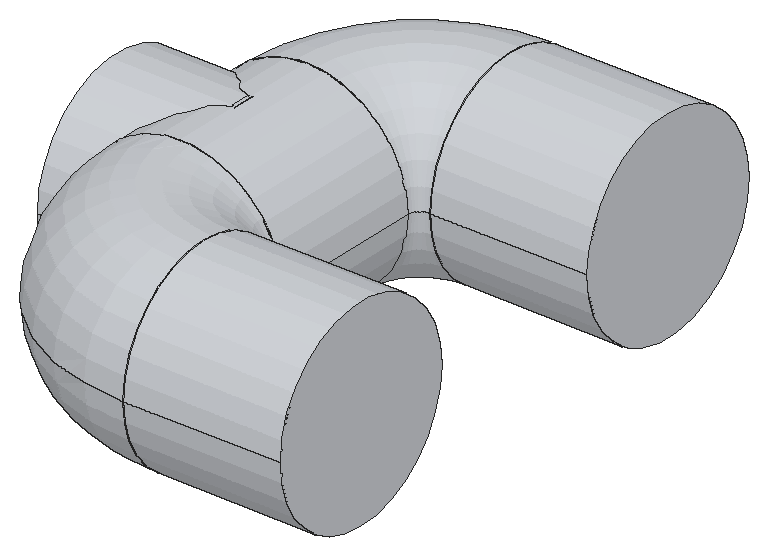
Revit family "1f1a5b160f834efcaf4b3b4a6974e4d7", category Mechanical Equipment, Revit 2021
Family settings
  Round Connector Dimension = Use Radius
  Part Type = Normal
  OmniClass Number = 23.65.70.17.14
  OmniClass Title = Water Fire Fighting Terminals
  Seek Item ID = Fire Department Connection - 2 Way - Flush Outlet Body-0000-USA-ENU
  Work Plane-Based = No
  Always vertical = Yes
  Cut with Voids When Loaded = No
  Shared = No
  Room Calculation Point = No
Parameters (values of type "4"x2 1/2"x2 1/2"")
  Outlet Nominal Radius = 2"
  Outlet Nominal Diameter = Outlet Nominal Radius * 2  # 4"
  Inlet Nominal Radius = 1 1/4"
  Inlet Nominal Diameter = Inlet Nominal Radius * 2  # 2 1/2"
  Default Elevation = 0' - 0"
  Connection Outlet Body Material = none
Reference planes (in)
  plane 1 "Center (Front/Back)": y = 0
  plane 2: z = 0
  plane 3 "Center (Left/Right)": x = 0
  plane 4: x = 2.5
  plane 5: y = 3.8125
  plane 6: y = -3.8125
  plane 7: x = 4.75
  plane 8: y = 1.5625
  plane 9: y = -1.5625
  plane 10: x = 7.875
  plane 11: y = 1.31593
  plane 12: y = -1.3125
  plane 13: x = 5
Forms (in)
  Sweep 1, solid, material <- "Connection Outlet Body Material", detail levels fine
    path in 3D
      loop
        line (0, 0, 0) -> (2.5, 0, 0)
    profile origin (1.25, 0, 0) x (0, 1, 0) y (0, 0, 1)
      loop
        circle (0, 0) r 2
  Sweep 2, solid, material <- "Connection Outlet Body Material", detail levels fine
    path in 3D
      loop
        line (2.5, -1.5625, 0) -> (2.5, 1.5625, 0)
    profile origin (2.5, 0, 0) x (-1, 0, 0) y (0, 0, 1)
      loop
        circle (0, 0) r 2
  Sweep 3, solid, material <- "Connection Outlet Body Material", detail levels fine
    path in 3D
      loop
        arc (2.5, 1.5625, 0) -> (3.15901, 3.15349, 0) -> (4.75, 3.8125, 0) r 2.25
    profile origin (3.15901, 3.15349, 0) x (-0.707107, 0.707107, 0) y (0, 0, 1)
      loop
        circle (0.0039, 0) r 2
  Sweep 4, solid, material <- "Connection Outlet Body Material", detail levels fine
    path in 3D
      loop
        arc (4.75, -3.8125, 0) -> (3.15901, -3.15349, 0) -> (2.5, -1.5625, 0) r 2.25
    profile origin (3.15901, -3.15349, 0) x (-0.707107, -0.707107, 0) y (0, 0, 1)
      loop
        circle (0, 0) r 2
  Sweep 5, solid, material <- "Connection Outlet Body Material", detail levels fine
    path in 3D
      loop
        line (4.75, 3.8125, 0) -> (7.875, 3.8125, 0)
    profile origin (6.3125, 3.8125, 0) x (0, 1, 0) y (0, 0, 1)
      loop
        circle (0, 0) r 2.00034
  Sweep 6, solid, material <- "Connection Outlet Body Material", detail levels fine
    path in 3D
      loop
        line (7.875, -3.8125, 0) -> (4.75, -3.8125, 0)
    profile origin (6.3125, -3.8125, 0) x (0, -1, 0) y (0, 0, 1)
      loop
        circle (0, 0) r 2
Cuts and joins
  joined: Sweep 1, Sweep 3, Sweep 4
Lines and regions (in)
  model lines, detail levels coarse+medium
    curve 1: line (0, 0, 0) -> (2.5, 0, 0)
    curve 2: line (2.5, -1.5625, 0) -> (2.5, 1.5625, 0)
    curve 3: arc (2.5, 1.5625, 0) -> (3.15901, 3.15349, 0) -> (4.75, 3.8125, 0) r 2.25
    curve 4: arc (4.75, -3.8125, 0) -> (3.15901, -3.15349, 0) -> (2.5, -1.5625, 0) r 2.25
    curve 5: line (4.75, 3.8125, 0) -> (7.875, 3.8125, 0)
    curve 6: line (7.875, -3.8125, 0) -> (4.75, -3.8125, 0)
    curve 13: line (7.875, 5.81284, 0) -> (7.875, 1.81216, 0)
    curve 14: line (7.875, -1.8125, 0) -> (7.875, -5.8125, 0)
    curve 15: line (0, 2, 0) -> (0, -2, 0)
  sketch lines
    curve 7: line (0, 0, 0) -> (2.5, 0, 0)
    curve 8: line (2.5, -1.5625, 0) -> (2.5, 1.5625, 0)
    curve 9: arc (2.5, 1.5625, 0) -> (3.15901, 3.15349, 0) -> (4.75, 3.8125, 0) r 2.25
    curve 10: arc (4.75, -3.8125, 0) -> (3.15901, -3.15349, 0) -> (2.5, -1.5625, 0) r 2.25
    curve 11: line (4.75, 3.8125, 0) -> (7.875, 3.8125, 0)
    curve 12: line (7.875, -3.8125, 0) -> (4.75, -3.8125, 0)
Dimensions and locks (in)
  locked: plane 3 "Center (Left/Right)" to plane 4 at 2.5
  equal spacing: plane 5, plane 1 "Center (Front/Back)", plane 6
  locked: plane 5 to plane 6 at 7.625
  locked: plane 4 to plane 7 at 2.25
  equal spacing: plane 8, plane 1 "Center (Front/Back)", plane 9
  locked: plane 8 to plane 9 at 3.125
  locked: plane 3 "Center (Left/Right)" to plane 10 at 7.875
  locked: plane 11 to plane 8 at 0.24657
  locked: plane 9 to plane 12 at 0.25
  plane 7 to plane 13 = 0' - 0 1/4"
  radius of Sweep 1 sketch curve = 0' - 2"
  radius of Sweep 2 sketch curve = 0' - 2"
  radius of Sweep 3 sketch curve = 0' - 2"
  radius of Sweep 4 sketch curve = 0' - 2"
  radius of Sweep 5 sketch curve = 0' - 2.00034"
  radius of Sweep 6 sketch curve = 0' - 2"
  aligned and locked: curve 5 to plane 5
  aligned and locked: curve 6 to plane 6
  aligned and locked: plane 1 "Center (Front/Back)" to curve 1
  aligned and locked: plane 10 to curve 5
  aligned and locked: plane 7 to curve 6
  aligned and locked: plane 10 to curve 6
  aligned and locked: plane 3 "Center (Left/Right)" to curve 1
  aligned and locked: plane 4 to curve 1
  aligned and locked: plane 4 to curve 3
  aligned and locked: plane 7 to curve 3
  aligned and locked: plane 10 to Sweep 5
  aligned and locked: Sweep 6 to plane 10
  aligned and locked: curve 15 to plane 3 "Center (Left/Right)"
Automatic sketch dimensions
  Sweep 1 sketch curve to profile plane = 0' - 0"  (x2)
  Sweep 2 sketch curve to profile plane = 0' - 0"  (x2)
  Sweep 3 sketch curve to profile plane = 0' - 0"
  Sweep 3 sketch curve to profile plane = 0' - 0 1/256"
  Sweep 4 sketch curve to profile plane = 0' - 0"  (x2)
  Sweep 5 sketch curve to profile plane = 0' - 0"  (x2)
  Sweep 6 sketch curve to profile plane = 0' - 0"  (x2)
  curve 15 to plane 9 = 0' - 0 7/16"
  plane 8 to curve 15 = 0' - 0 7/16"
  curve 5 to curve 13 = 0' - 2.00034"
  plane 8 to curve 13 = 0' - 0.24966"
  plane 6 to curve 14 = 0' - 2"
  curve 14 to plane 9 = 0' - 0 1/4"
Connectors (in)
  piping at (7.875, 3.8125, 0), diameter 2.5, driven by "Inlet Nominal Radius"
    settings: on Sweep 5, index 1, connector inside diameter 2 1/2", connector length 0' - 0", flow factor 0, pipe flow 0 GPM, pressure drop 0.00 psi, fitting loss kfactor 0, connector angle 0.00°, fixture units 0, engagement length 0' - 0", angle of deflection 0.00°, flow configuration 0, flow direction 1, fitting loss method 0, system type 29, joint type 0, gender type 0, connector reference index -1, connector utility 0, adjustable connector no, is connector primary yes, connector description "In"
  piping at (7.875, -3.8125, 0), diameter 2.5, driven by "Inlet Nominal Radius"
    settings: on Sweep 6, index 2, connector inside diameter 2 1/2", connector length 0' - 0", flow factor 0, pipe flow 0 GPM, pressure drop 0.00 psi, fitting loss kfactor 0, connector angle 0.00°, fixture units 0, engagement length 0' - 0", angle of deflection 0.00°, flow configuration 0, flow direction 1, fitting loss method 0, system type 29, joint type 0, gender type 0, connector reference index -1, connector utility 0, adjustable connector no, is connector primary no, connector description "In"
  piping at (0, 0, 0), diameter 4, driven by "Outlet Nominal Radius"
    settings: on cut or joined group of Sweep 1, Sweep 3, Sweep 4, index 3, connector inside diameter 4", connector length 0' - 0", flow factor 0, pipe flow 0 GPM, pressure drop 0.00 psi, fitting loss kfactor 0, connector angle 0.00°, fixture units 0, engagement length 0' - 0", angle of deflection 0.00°, flow configuration 0, flow direction 2, fitting loss method 0, system type 29, joint type 0, gender type 0, connector reference index -1, connector utility 0, adjustable connector no, is connector primary no, connector description "Out"
